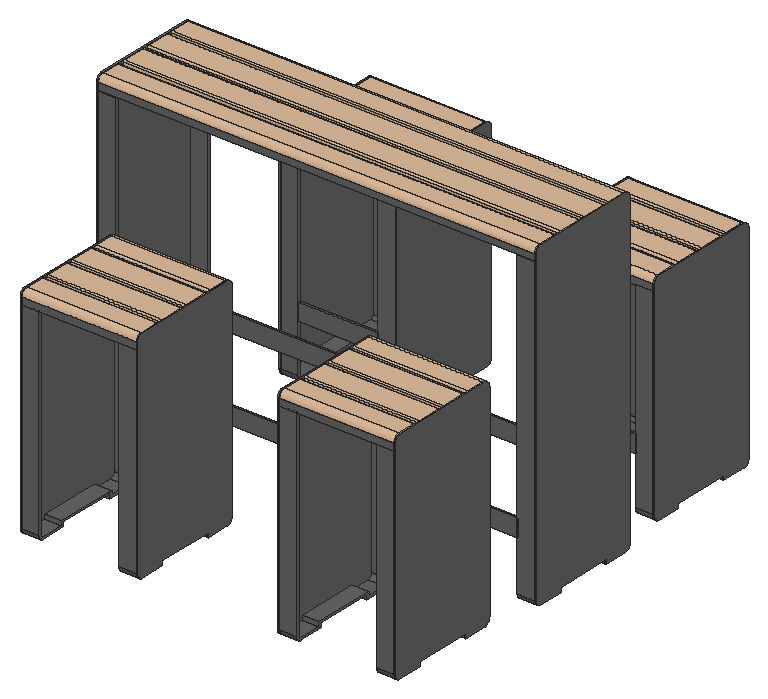
Revit family "1120-S-L", category Meble, Revit 2021
Family settings
  Numer OmniClass = 23.40.20.00
  Tytuł OmniClass = General Furniture and Specialties
  Oparty na płaszczyźnie roboczej = Nie
  Zawsze pionowo = Tak
  Tnij formami wycięć po wczytaniu = Nie
  Współdzielony = Nie
  Punkt obliczania pomieszczeń = Nie
Parameters (values of type "61111-S-L")
  wood = Mobilis Design Wood - Larch
  metal = Mobilis Design RAL 9004
  Width = "150 cm"
  Weight = "180 kg"
  URL = ""
  Seat hight = "75 cm"
  Product line = "Centaurus"
  Product Groups = ""
  Manufacturer = ""
  Keynote = ""
  Description = ""
  Model = "1120-S-L"
  Material = ""
  Maintenance = ""
  Lenght = "150 cm"
  Type Comments = ""
  Mobilis Design Materials = ""
  Hosted on = ""
  Height = "110 cm"
  Domyślna rzędna = 0 mm
  Copyright = "All designs and drawings are the common intellectual property of Lars Laj A/S and Tress and are protected by Danish and international copyright laws."
Reference planes
  plane 1 "front": y = 0
  plane 2: z = 0
  plane 3 "Środek (Lewa/Prawa)": x = 0
  plane 4 "left": x = -745.625
  plane 5 "right": x = 745.938
  plane 6 "back": y = 400
  plane 7: x = -685.625
  plane 8: x = 685.937
  plane 9: z = 1057.23
Forms (mm)
  Extrusion 1, solid, material "Mobilis Design Wood - Larch" <- "wood"
    sketch origin (0, -51.281, 670.21) x (0, 1, 0) y (0, 0, 1)
      loop
        arc (263.304, 429.703) -> (259.768, 428.239) -> (258.304, 424.703) r 5
        line (258.304, 424.703) -> (258.304, 388.972)
        arc (258.304, 388.972) -> (258.878, 387.586) -> (260.264, 387.012) r 1.96
        line (260.264, 387.012) -> (346.304, 387.012)
        arc (346.304, 387.012) -> (347.718, 387.598) -> (348.304, 389.012) r 2
        line (348.304, 389.012) -> (348.304, 424.703)
        arc (348.304, 424.703) -> (346.839, 428.239) -> (343.304, 429.703) r 5
        line (343.304, 429.703) -> (263.304, 429.703)
    from -745.625 to 745.937
  Extrusion 2, solid, material "Mobilis Design Wood - Larch" <- "wood"
    sketch origin (0, -153.73, 670.21) x (0, 1, 0) y (0, 0, 1)
      loop
        arc (263.253, 429.703) -> (259.718, 428.239) -> (258.253, 424.703) r 5
        line (258.253, 424.703) -> (258.253, 388.972)
        arc (258.253, 388.972) -> (258.827, 387.586) -> (260.213, 387.012) r 1.96
        line (260.213, 387.012) -> (346.253, 387.012)
        arc (346.253, 387.012) -> (347.668, 387.598) -> (348.253, 389.012) r 2
        line (348.253, 389.012) -> (348.253, 424.703)
        arc (348.253, 424.703) -> (346.789, 428.239) -> (343.253, 429.703) r 5
        line (343.253, 429.703) -> (263.253, 429.703)
    from -745.625 to 745.937
  Extrusion 3, solid, material "Mobilis Design Wood - Larch" <- "wood"
    sketch origin (0, -256.23, 670.21) x (0, 1, 0) y (0, 0, 1)
      loop
        arc (275.801, 429.704) -> (261.616, 423.828) -> (255.74, 409.642) r 20.061
        line (255.74, 409.642) -> (258.916, 409.642) -> (258.916, 387.013) -> (343.754, 387.013)
        arc (343.754, 387.013) -> (345.168, 387.598) -> (345.753, 389.012) r 1.999
        line (345.753, 389.012) -> (345.753, 424.706)
        arc (345.753, 424.706) -> (344.29, 428.24) -> (340.756, 429.704) r 4.998
        line (340.756, 429.704) -> (275.801, 429.704)
    from -745.625 to 745.937
  Extrusion 4, solid, material "Mobilis Design RAL 9004" <- "metal", not visible
    sketch origin (0, 0, 0) x (0, 1, 0) y (0, 0, 1)
      loop
        arc (71.187, 451.5) -> (57.045, 445.642) -> (51.187, 431.5) r 20
        line (51.187, 431.5) -> (51.187, 18.231)
        arc (51.187, 18.231) -> (56.527, 5.34) -> (69.418, 0) r 18.231
        line (69.418, 0) -> (153.638, 0) -> (153.638, 15) -> (448.638, 15) -> (448.638, 0) -> (527.023, 0)
        arc (527.023, 0) -> (542.307, 6.331) -> (548.638, 21.615) r 21.615
        line (548.638, 21.615) -> (548.638, 429.407)
        arc (548.638, 429.407) -> (542.168, 445.029) -> (526.545, 451.5) r 22.093
        line (526.545, 451.5) -> (71.187, 451.5)
    from 750.378 to 745
  Extrusion 5, solid, material "Mobilis Design RAL 9004" <- "metal", not visible
    sketch origin (0, 0, 0) x (0, 1, 0) y (0, 0, 1)
      loop
        line (548.638, 396.844) -> (629.375, 854.725) -> (601.836, 859.581)
        arc (601.836, 859.581) -> (585.224, 855.898) -> (576.082, 841.547) r 22.232
        line (576.082, 841.547) -> (507.306, 451.5) -> (526.545, 451.5)
        arc (526.545, 451.5) -> (542.168, 445.029) -> (548.638, 429.407) r 22.093
        line (548.638, 429.407) -> (548.638, 396.844)
    from 745 to 750.378
  Extrusion 6, solid, material "Mobilis Design RAL 9004" <- "metal"
    sketch origin (0, -51.25, 0) x (0, -1, 0) y (0, 0, 1)
      loop
        line (-71.187, 1099.913) -> (-429.045, 1099.913)
        arc (-429.045, 1099.913) -> (-444.668, 1093.442) -> (-451.138, 1077.82) r 22.093
        line (-451.138, 1077.82) -> (-451.138, 21.615)
        arc (-451.138, 21.615) -> (-444.807, 6.331) -> (-429.523, 0) r 21.615
        line (-429.523, 0) -> (-351.138, 0) -> (-351.138, 15) -> (-153.638, 15) -> (-153.638, 0) -> (-69.418, 0)
        arc (-69.418, 0) -> (-56.527, 5.34) -> (-51.187, 18.231) r 18.231
        line (-51.187, 18.231) -> (-51.187, 1079.913)
        arc (-51.187, 1079.913) -> (-57.045, 1094.055) -> (-71.187, 1099.913) r 20
    from 750.725 to 745.625
  Extrusion 7, solid, material "Mobilis Design RAL 9004" <- "metal"
    sketch origin (0, -51.25, 0) x (0, 1, 0) y (0, 0, 1)
      loop
        line (451.138, 23.296) -> (451.138, 1054.5) -> (51.187, 1054.5) -> (51.187, 18.763)
        arc (51.187, 18.763) -> (56.683, 5.495) -> (69.95, 0) r 18.763
        line (69.95, 0) -> (153.638, 0) -> (153.638, 15) -> (351.138, 15) -> (351.138, 0) -> (427.842, 0)
        arc (427.842, 0) -> (444.315, 6.823) -> (451.138, 23.296) r 23.296
      loop
        line (58.687, 1048.5) -> (58.687, 18.763)
        arc (58.687, 18.763) -> (61.986, 10.799) -> (69.95, 7.5) r 11.263
        line (69.95, 7.5) -> (146.138, 7.5) -> (146.138, 22.5) -> (358.638, 22.5) -> (358.638, 7.5) -> (427.842, 7.5)
        arc (427.842, 7.5) -> (439.012, 12.127) -> (443.638, 23.296) r 15.796
        line (443.638, 23.296) -> (443.638, 1048.5) -> (58.687, 1048.5)
    from -745.625 to -685.625
  Extrusion 8, solid, material "Mobilis Design RAL 9004" <- "metal"
    sketch origin (0, -51.25, 648.75) x (0, 1, 0) y (0, 0, 1)
      loop
        line (53.936, 431.102) -> (51.187, 431.102) -> (51.187, 407.787) -> (53.936, 407.787) -> (53.936, 431.102)
    from -745.625 to 745.937
  Extrusion 9, solid, material "Mobilis Design Wood - Larch" <- "wood"
    sketch origin (0, 655.254, 670.21) x (0, -1, 0) y (0, 0, -1)
      loop
        line (275.801, -429.704) -> (340.733, -429.704)
        arc (340.733, -429.704) -> (344.267, -428.24) -> (345.731, -424.706) r 4.998
        line (345.731, -424.706) -> (345.731, -389.012)
        arc (345.731, -389.012) -> (345.145, -387.598) -> (343.731, -387.013) r 1.999
        line (343.731, -387.013) -> (258.705, -387.013) -> (258.705, -409.642) -> (255.74, -409.642)
        arc (255.74, -409.642) -> (261.616, -423.828) -> (275.801, -429.704) r 20.061
    from -745.625 to 745.938
  Extrusion 10, solid, material "Mobilis Design RAL 9004" <- "metal"
    sketch origin (0, 450.485, 648.75) x (0, -1, 0) y (0, 0, -1)
      loop
        line (53.936, -431.102) -> (53.936, -407.787) -> (51.187, -407.787) -> (51.187, -431.102) -> (53.936, -431.102)
    from -745.625 to 745.938
  Extrusion 11, solid, material "Mobilis Design RAL 9004" <- "metal"
    sketch origin (0, 392.5, 0) x (1, 0, 0) y (0, 1, 0)
      loop
        line (-685.625, 7.437) -> (-685.625, -0.063) -> (685.937, -0.063) -> (685.937, 7.437) -> (-685.625, 7.437)
    from 189.995 to 249.995
  Extrusion 12, solid, material "Mobilis Design RAL 9004" <- "metal"
    sketch origin (0, -51.25, 0) x (0, -1, 0) y (0, 0, -1)
      loop
        arc (-71.187, -1099.913) -> (-57.045, -1094.055) -> (-51.187, -1079.913) r 20
        line (-51.187, -1079.913) -> (-51.187, -18.231)
        arc (-51.187, -18.231) -> (-56.527, -5.34) -> (-69.418, 0) r 18.231
        line (-69.418, 0) -> (-153.638, 0) -> (-153.638, -15) -> (-351.138, -15) -> (-351.138, 0) -> (-429.523, 0)
        arc (-429.523, 0) -> (-444.807, -6.331) -> (-451.138, -21.615) r 21.615
        line (-451.138, -21.615) -> (-451.138, -1077.82)
        arc (-451.138, -1077.82) -> (-444.668, -1093.442) -> (-429.045, -1099.913) r 22.093
        line (-429.045, -1099.913) -> (-71.187, -1099.913)
    from 750.725 to 745.625
  Extrusion 13, solid, material "Mobilis Design RAL 9004" <- "metal"
    sketch origin (0, -51.25, 0) x (0, 1, 0) y (0, 0, -1)
      loop
        arc (451.138, -23.296) -> (444.315, -6.823) -> (427.842, 0) r 23.296
        line (427.842, 0) -> (351.138, 0) -> (351.138, -15) -> (153.638, -15) -> (153.638, 0) -> (69.95, 0)
        arc (69.95, 0) -> (56.683, -5.495) -> (51.187, -18.763) r 18.763
        line (51.187, -18.763) -> (51.187, -1054.5) -> (451.138, -1054.5) -> (451.138, -23.296)
      loop
        line (58.687, -1048.5) -> (443.638, -1048.5) -> (443.638, -23.296)
        arc (443.638, -23.296) -> (439.012, -12.127) -> (427.842, -7.5) r 15.796
        line (427.842, -7.5) -> (358.638, -7.5) -> (358.638, -22.5) -> (146.138, -22.5) -> (146.138, -7.5) -> (69.95, -7.5)
        arc (69.95, -7.5) -> (61.986, -10.799) -> (58.687, -18.763) r 11.263
        line (58.687, -18.763) -> (58.687, -1048.5)
    from -745.625 to -685.625
  Extrusion 14, solid, material "Mobilis Design RAL 9004" <- "metal"
    sketch origin (0, 0, 0) x (1, 0, 0) y (0, 1, 0)
      loop
        line (-685.625, 7.437) -> (-685.625, -0.063) -> (685.937, -0.063) -> (685.937, 7.437) -> (-685.625, 7.437)
    from 189.995 to 249.995
Lines and regions (mm)
  model lines, style "9"
    curve 1: line (264.233, -99.489, 0) -> (264.233, -93.489, 0)
    curve 2: line (264.233, -399.489, 0) -> (264.233, -405.489, 0)
    curve 3: line (-304.767, -99.489, 0) -> (-304.767, -93.489, 0)
    curve 4: line (-304.767, -399.489, 0) -> (-304.767, -405.489, 0)
    curve 5: line (-281.767, -99.489, 0) -> (-281.767, -93.489, 0)
    curve 6: line (-281.767, -399.489, 0) -> (-281.767, -405.489, 0)
    curve 9: line (0, -245.5, 21) -> (0, -239.5, 21)
    curve 10: line (0, -445.5, 21) -> (0, -451.5, 21)
  model lines, style "8"
    curve 7: line (0, -170.5, 1054) -> (0, -158, 1054)
    curve 8: line (0, -170.5, 1054) -> (0, -158, 1054)
Dimensions and locks
  Extrusion 1 sketch curve to Extrusion 1 sketch curve = 90 mm
  Extrusion 1 sketch curve to Extrusion 1 sketch curve = 42.691 mm
  Extrusion 2 sketch curve to Extrusion 2 sketch curve = 90 mm
  Extrusion 2 sketch curve to Extrusion 2 sketch curve = 42.691 mm
  Extrusion 3 sketch curve to Extrusion 3 sketch curve = 42.691 mm
  Extrusion 9 sketch curve to Extrusion 9 sketch curve = 42.691 mm
  plane 6 "back" to plane 1 "front" = 400 mm
  aligned and locked: level to plane 2
  aligned and locked: plane 5 "right" to Extrusion 1
  aligned and locked: Extrusion 1 to plane 4 "left"
  aligned and locked: plane 5 "right" to Extrusion 2
  aligned and locked: plane 5 "right" to Extrusion 3
  aligned and locked: Extrusion 2 to plane 4 "left"
  aligned and locked: Extrusion 3 to plane 4 "left"
  aligned and locked: plane 4 "left" to Extrusion 6
  aligned and locked: Extrusion 7 to plane 4 "left"
  aligned and locked: plane 7 to Extrusion 7
  aligned and locked: Extrusion 8 to plane 4 "left"
  aligned and locked: plane 5 "right" to Extrusion 8
  aligned and locked: plane 5 "right" to Extrusion 9
  aligned and locked: Extrusion 10 to plane 4 "left"
  aligned and locked: plane 5 "right" to Extrusion 10
  aligned and locked: Extrusion 11 to plane 8
Nested families
  nested 1: "1110-S-L" at (509.685, -349.023, 0), type "1110-S-L"
  nested 2: "1110-S-L" at (-369.685, -349.023, 0) x (-1, 0, 0) z (0, 0, 1), type "1110-S-L"
  nested 3: "1110-S-L" at (509.685, 753.07, 0), type "1110-S-L"
  nested 4: "1110-S-L" at (-369.685, 753.07, 0) x (-1, 0, 0) z (0, 0, 1), type "1110-S-L"
Definition of nested family "1110-S-L"
  Parameters (values of type "1110-S-L")
    wood = none
    metal = none
    Width = "40 cm"
    Weight = "30 kg"
    URL = ""
    Product line = "Centaurus"
    Product Groups = ""
    Manufacturer = ""
    Keynote = ""
    Description = ""
    Model = "1110-S-L"
    Material = ""
    Maintenance = ""
    Lenght = "40 cm"
    Type Comments = ""
    Mobilis Design Materials = ""
    Hosted on = ""
    Height = "75 cm"
    Default Elevation = 0 mm
    Copyright = "All designs and drawings are the common intellectual property of Lars Laj A/S and Tress and are protected by Danish and international copyright laws."
  Reference planes
    plane 1 "front": y = 0
    plane 2: z = 0
    plane 3 "Środek (Lewa/Prawa)": x = 0
    plane 4 "left": x = -196.25
    plane 5 "right": x = 195.938
    plane 6: x = -136.25
    plane 7: x = 135.937
  Forms (mm)
    Extrusion 1, solid, material <- "wood"
      sketch origin (0, -252.573, 318.96) x (0, 1, 0) y (0, 0, 1)
        loop
          arc (263.304, 429.703) -> (259.768, 428.239) -> (258.304, 424.703) r 5
          line (258.304, 424.703) -> (258.304, 390)
          arc (258.304, 390) -> (258.878, 388.615) -> (260.264, 388.04) r 1.96
          line (260.264, 388.04) -> (346.304, 388.04)
          arc (346.304, 388.04) -> (347.718, 388.626) -> (348.304, 390.04) r 2
          line (348.304, 390.04) -> (348.304, 424.703)
          arc (348.304, 424.703) -> (346.839, 428.239) -> (343.304, 429.703) r 5
          line (343.304, 429.703) -> (263.304, 429.703)
      from -196.25 to 195.937
    Extrusion 2, solid, material <- "wood"
      sketch origin (0, -355.022, 318.96) x (0, 1, 0) y (0, 0, 1)
        loop
          arc (263.253, 429.703) -> (259.718, 428.239) -> (258.253, 424.703) r 5
          line (258.253, 424.703) -> (258.253, 390)
          arc (258.253, 390) -> (258.827, 388.615) -> (260.213, 388.04) r 1.96
          line (260.213, 388.04) -> (346.253, 388.04)
          arc (346.253, 388.04) -> (347.668, 388.626) -> (348.253, 390.04) r 2
          line (348.253, 390.04) -> (348.253, 424.703)
          arc (348.253, 424.703) -> (346.789, 428.239) -> (343.253, 429.703) r 5
          line (343.253, 429.703) -> (263.253, 429.703)
      from -196.25 to 195.937
    Extrusion 3, solid, material <- "wood"
      sketch origin (0, -457.21, 318.96) x (0, 1, 0) y (0, 0, 1)
        loop
          arc (275.801, 429.704) -> (261.616, 423.828) -> (255.74, 409.642) r 20.061
          line (255.74, 409.642) -> (258.916, 409.642) -> (258.916, 388.04) -> (343.754, 388.04)
          arc (343.754, 388.04) -> (345.168, 388.626) -> (345.753, 390.04) r 1.999
          line (345.753, 390.04) -> (345.753, 424.706)
          arc (345.753, 424.706) -> (344.29, 428.24) -> (340.756, 429.704) r 4.998
          line (340.756, 429.704) -> (275.801, 429.704)
      from -196.25 to 195.937
    Extrusion 4, solid, material <- "metal", not visible
      sketch origin (0, 0, 0) x (0, 1, 0) y (0, 0, 1)
        loop
          arc (71.187, 451.5) -> (57.045, 445.642) -> (51.187, 431.5) r 20
          line (51.187, 431.5) -> (51.187, 18.231)
          arc (51.187, 18.231) -> (56.527, 5.34) -> (69.418, 0) r 18.231
          line (69.418, 0) -> (153.638, 0) -> (153.638, 15) -> (448.638, 15) -> (448.638, 0) -> (527.023, 0)
          arc (527.023, 0) -> (542.307, 6.331) -> (548.638, 21.615) r 21.615
          line (548.638, 21.615) -> (548.638, 429.407)
          arc (548.638, 429.407) -> (542.168, 445.029) -> (526.545, 451.5) r 22.093
          line (526.545, 451.5) -> (71.187, 451.5)
      from 750.378 to 745
    Extrusion 5, solid, material <- "metal", not visible
      sketch origin (0, 0, 0) x (0, 1, 0) y (0, 0, 1)
        loop
          line (548.638, 396.844) -> (629.375, 854.725) -> (601.836, 859.581)
          arc (601.836, 859.581) -> (585.224, 855.898) -> (576.082, 841.547) r 22.232
          line (576.082, 841.547) -> (507.306, 451.5) -> (526.545, 451.5)
          arc (526.545, 451.5) -> (542.168, 445.029) -> (548.638, 429.407) r 22.093
          line (548.638, 429.407) -> (548.638, 396.844)
      from 745 to 750.378
    Extrusion 6, solid, material <- "metal"
      sketch origin (0, -252.542, 0) x (0, -1, 0) y (0, 0, 1)
        loop
          line (-71.187, 748.663) -> (-429.045, 748.663)
          arc (-429.045, 748.663) -> (-444.668, 742.192) -> (-451.138, 726.57) r 22.093
          line (-451.138, 726.57) -> (-451.138, 21.615)
          arc (-451.138, 21.615) -> (-444.807, 6.331) -> (-429.523, 0) r 21.615
          line (-429.523, 0) -> (-351.138, 0) -> (-351.138, 15) -> (-153.638, 15) -> (-153.638, 0) -> (-69.418, 0)
          arc (-69.418, 0) -> (-56.527, 5.34) -> (-51.187, 18.231) r 18.231
          line (-51.187, 18.231) -> (-51.187, 728.663)
          arc (-51.187, 728.663) -> (-57.045, 742.805) -> (-71.187, 748.663) r 20
      from 201.04 to 196.25
    Extrusion 7, solid, material <- "metal"
      sketch origin (0, -252.542, 0) x (0, 1, 0) y (0, 0, 1)
        loop
          line (451.138, 23.296) -> (451.138, 707) -> (51.187, 707) -> (51.187, 18.763)
          arc (51.187, 18.763) -> (56.683, 5.495) -> (69.95, 0) r 18.763
          line (69.95, 0) -> (153.638, 0) -> (153.638, 15) -> (351.138, 15) -> (351.138, 0) -> (427.842, 0)
          arc (427.842, 0) -> (444.315, 6.823) -> (451.138, 23.296) r 23.296
        loop
          line (58.687, 701) -> (58.687, 18.763)
          arc (58.687, 18.763) -> (61.986, 10.799) -> (69.95, 7.5) r 11.263
          line (69.95, 7.5) -> (146.138, 7.5) -> (146.138, 22.5) -> (358.638, 22.5) -> (358.638, 7.5) -> (427.842, 7.5)
          arc (427.842, 7.5) -> (439.012, 12.127) -> (443.638, 23.296) r 15.796
          line (443.638, 23.296) -> (443.638, 701) -> (58.687, 701)
      from -196.25 to -136.25
    Extrusion 8, solid, material <- "metal"
      sketch origin (0, -252.542, 298.895) x (0, 1, 0) y (0, 0, 1)
        loop
          line (53.936, 429.707) -> (51.187, 429.707) -> (51.187, 405.767) -> (73.779, 405.767) -> (73.779, 408.105) -> (53.936, 408.105) -> (53.936, 429.707)
      from -196.25 to 195.937
    Extrusion 9, solid, material <- "wood"
      sketch origin (0, 453.961, 318.96) x (0, -1, 0) y (0, 0, -1)
        loop
          line (275.801, -429.704) -> (340.733, -429.704)
          arc (340.733, -429.704) -> (344.267, -428.24) -> (345.731, -424.706) r 4.998
          line (345.731, -424.706) -> (345.731, -390.04)
          arc (345.731, -390.04) -> (345.145, -388.626) -> (343.731, -388.04) r 1.999
          line (343.731, -388.04) -> (258.705, -388.04) -> (258.705, -409.642) -> (255.74, -409.642)
          arc (255.74, -409.642) -> (261.616, -423.828) -> (275.801, -429.704) r 20.061
      from -196.25 to 195.938
    Extrusion 10, solid, material <- "metal"
      sketch origin (0, -252.542, 0) x (0, -1, 0) y (0, 0, -1)
        loop
          arc (-71.187, -748.663) -> (-57.045, -742.805) -> (-51.187, -728.663) r 20
          line (-51.187, -728.663) -> (-51.187, -18.231)
          arc (-51.187, -18.231) -> (-56.527, -5.34) -> (-69.418, 0) r 18.231
          line (-69.418, 0) -> (-153.638, 0) -> (-153.638, -15) -> (-351.138, -15) -> (-351.138, 0) -> (-429.523, 0)
          arc (-429.523, 0) -> (-444.807, -6.331) -> (-451.138, -21.615) r 21.615
          line (-451.138, -21.615) -> (-451.138, -726.57)
          arc (-451.138, -726.57) -> (-444.668, -742.192) -> (-429.045, -748.663) r 22.093
          line (-429.045, -748.663) -> (-71.187, -748.663)
      from 201.04 to 196.25
    Extrusion 11, solid, material <- "metal"
      sketch origin (0, -252.542, 0) x (0, 1, 0) y (0, 0, -1)
        loop
          arc (451.138, -23.296) -> (444.315, -6.823) -> (427.842, 0) r 23.296
          line (427.842, 0) -> (351.138, 0) -> (351.138, -15) -> (153.638, -15) -> (153.638, 0) -> (69.95, 0)
          arc (69.95, 0) -> (56.683, -5.495) -> (51.187, -18.763) r 18.763
          line (51.187, -18.763) -> (51.187, -707) -> (451.138, -707) -> (451.138, -23.296)
        loop
          line (58.687, -701) -> (443.638, -701) -> (443.638, -23.296)
          arc (443.638, -23.296) -> (439.012, -12.127) -> (427.842, -7.5) r 15.796
          line (427.842, -7.5) -> (358.638, -7.5) -> (358.638, -22.5) -> (146.138, -22.5) -> (146.138, -7.5) -> (69.95, -7.5)
          arc (69.95, -7.5) -> (61.986, -10.799) -> (58.687, -18.763) r 11.263
          line (58.687, -18.763) -> (58.687, -701)
      from -196.25 to -136.25
    Extrusion 12, solid, material <- "metal"
      sketch origin (0, 191.208, 0) x (1, 0, 0) y (0, 1, 0)
        loop
          line (-136.25, 7.437) -> (-136.25, -0.063) -> (136.25, -0.063) -> (136.25, 7.437) -> (-136.25, 7.437)
      from 189.995 to 249.995
    Extrusion 13, solid, material <- "metal"
      sketch origin (0, 249.629, 298.895) x (0, -1, 0) y (0, 0, -1)
        loop
          line (53.936, -429.707) -> (53.936, -408.105) -> (73.779, -408.105) -> (73.779, -405.767) -> (51.187, -405.767) -> (51.187, -429.707) -> (53.936, -429.707)
      from -196.25 to 195.937
  Dimensions and locks
    Extrusion 1 sketch curve to Extrusion 1 sketch curve = 90 mm
    Extrusion 1 sketch curve to Extrusion 1 sketch curve = 41.663 mm
    Extrusion 2 sketch curve to Extrusion 2 sketch curve = 90 mm
    Extrusion 2 sketch curve to Extrusion 2 sketch curve = 41.663 mm
    Extrusion 3 sketch curve to Extrusion 3 sketch curve = 41.663 mm
    Extrusion 9 sketch curve to Extrusion 9 sketch curve = 41.663 mm
    aligned and locked: level to plane 2
    aligned and locked: plane 5 "right" to Extrusion 1
    aligned and locked: Extrusion 1 to plane 4 "left"
    aligned and locked: Extrusion 2 to plane 5 "right"
    aligned and locked: Extrusion 3 to plane 5 "right"
    aligned and locked: Extrusion 2 to plane 4 "left"
    aligned and locked: Extrusion 3 to plane 4 "left"
    aligned and locked: plane 4 "left" to Extrusion 6
    aligned and locked: Extrusion 7 to plane 4 "left"
    aligned and locked: plane 6 to Extrusion 7
    aligned and locked: Extrusion 8 to plane 4 "left"
    aligned and locked: Extrusion 8 to plane 5 "right"
    aligned and locked: Extrusion 10 to Extrusion 6
